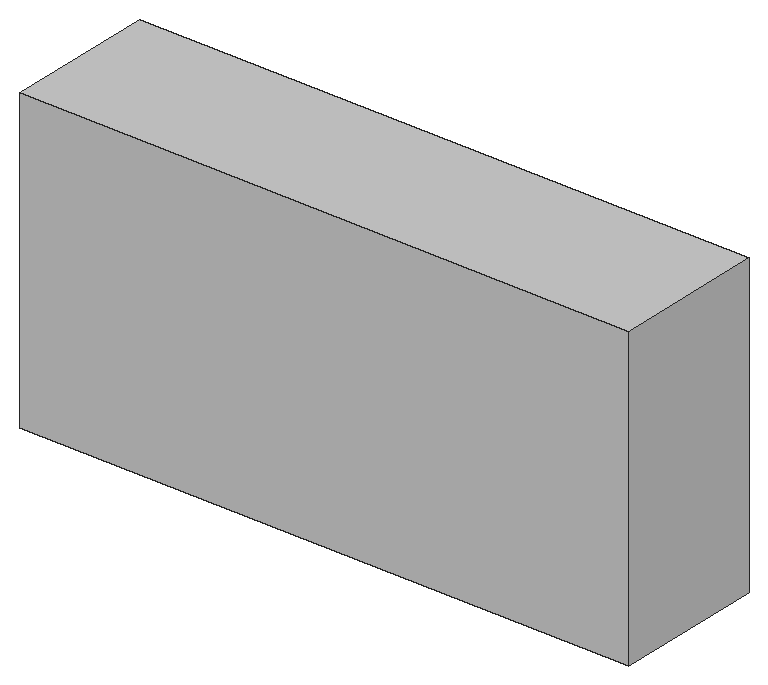
Revit family "M_Concreto-Viga retangular", category Quadro estrutural, Revit 2019
Family settings
  Exibir em vistas ocultas = Arestas ocultadas por outros membros
  Arredondamento do comprimento do framing estrutural = 0 mm
  Forma do corte = Não definido
  Material para o comportamento do modelo = Concreto
  Exportar sempre como geometria = Não
  Número OmniClass = 23.25.30.11.14.14
  Título OmniClass = Beams
  ID de item do Seek = Concrete-Rectangular Beam-0000-CAN-ENU
  Sempre na vertical = Sim
  Corte com vazios quando carregada = Não
  Representação simbólica = Da família
  Compartilhado = Não
  Exibir o pré-corte da família na vista da planta = Sim
Parameters (values of type "300 x 600mm")
  Structural Material [instance] = Concreto, Moldado no local - Cinza
  Assembly Code = ""
  Length [instance] = 1524 mm
  b = 300 mm
  h = 600 mm
Types (3, lengths in mm): name | b | h
  (no name) | 300 | 600
  400 x 800mm | 400 | 800
  300 x 600mm | 300 | 600
Reference planes
  plane 1 "Centro (Frente/Trás)": y = 0
  plane 2: z = 0
  plane 3 "Centro (Esquerda/Direita)": x = 4.61
  plane 4 "Membro esquerdo": x = -604.99
  plane 5 "Membro direito": x = 614.21
  plane 6: y = 150
  plane 7: y = -150
  plane 8: z = 300
  plane 9 "Inferior": z = -300
  plane 10 "Esquerda": x = -757.39
  plane 11 "Direita": x = 766.61
Forms (mm)
  Sweep 1, solid, material "Concreto, Moldado no local - Cinza" <- "Structural Material"
    path origin (0, 0, 0) x (1, 0, 0) y (0, 1, 0)
      loop
        line (614.21, 0) -> (-604.99, 0)
    profile "M_Viga retangular-Perfil : M_Viga retangular-Perfil" origin (4.61, 0, 0) x (0, -1, 0) y (0, 0, 1)
      loop
        line (-150, -300) -> (150, -300) -> (150, 300) -> (-150, 300) -> (-150, -300)
Dimensions and locks
  "b": plane 6 to plane 7
  equal spacing: plane 9 "Inferior", plane 2, plane 8
  equal spacing: plane 6, plane 1 "Centro (Frente/Trás)", plane 7
  "h": plane 9 "Inferior" to plane 8
  "Length": plane 10 "Esquerda" to plane 11 "Direita"
  aligned and locked: Sweep 1 sketch curve to plane 1 "Centro (Frente/Trás)"
  aligned and locked: plane 4 "Membro esquerdo" to Sweep 1 sketch curve
  aligned and locked: plane 5 "Membro direito" to Sweep 1 sketch curve
